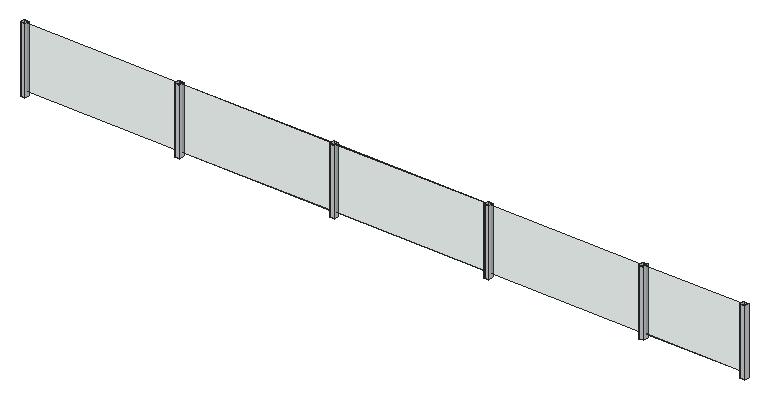
Revit family "Ограждение_Панель_2D_2500", category Специальное оборудование, Revit 2019
Family settings
  Размер круглого соединителя = Использовать диаметр
  Тип детали = Нормальный
  При загрузке вырезать с полостями = Нет
  Общий = Нет
  Точка расчета площади = Нет
Parameters (values of type "Панель 2500_Фланцевое крепление_Столб 80х80")
  Ячейка 50х200 [instance] = not(Ячейка 50х150)  # no
  Ячейка 50х150 [instance] = yes
  Ширина столба = 80 mm
  Ширина резаной [instance] = if(not(Шаг последнего столба - Ширина столба > 0 mm), 1 mm, Шаг последнего столба - Ширина столба)  # 1600 mm
  Ширина панели = 2500 mm
  Ширина 1ой панели [instance] = if([built-in parameter 1001306] < Шаг столбов, 1 mm, Шаг столбов - Ширина столба)  # 2500 mm
  Шаг столбов [instance] = Ширина панели + Ширина столба  # 2580 mm
  Условное обозначение [instance] = no
  Толщина стенки столба [instance] = 2 mm
  Тип крепежа [instance] = 2
  С фланцем под В.О. = not(or(Под бетонирование, С фланцем))  # no
  С фланцем = yes
  Показать последний [instance] = yes
  Показать первый [instance] = yes
  Шаг последнего столба [instance] = if(if(not([built-in parameter 1001306] > Шаг столбов), [built-in parameter 1001306], [built-in parameter 1001306] - (rounddown([built-in parameter 1001306] / Шаг столбов) * Шаг столбов)) = 0 mm, Шаг столбов, if(not([built-in parameter 1001306] > Шаг столбов), [built-in parameter 1001306], [built-in parameter 1001306] - (rounddown([built-in parameter 1001306] / Шаг столбов) * Шаг столбов)))  # 1680 mm
  Расчёт ячейки [instance] = if(Ячейка 50х150, 2, 0)  # 2
  Пруток D=5/5/5 мм [instance] = not(or([Пруток D=6/5/6 мм], [Пруток D=8/6/8 мм]))  # no
  Пруток D=8/6/8 мм [instance] = yes
  Пруток D=6/5/6 мм [instance] = no
  Показать средний столб [instance] = N панелей = 2  # no
  Под насадку [instance] = no
  Под бетонирование = no
  Отступ панели от основания = 70 mm
  Отступ панели = Ширина столба / 2  # 40 mm
  Инструкция [instance] = "https://docs.google.com/document/d/1cgSF_IfOaOTu5MFLm1FJjP0ckfTazc0ioWqhE0ocsXY/edit#heading=h.lw4uecg53g9n"
  Изготовитель = [ADSK_Завод-изготовитель]  # "FENSYS"
  built-in parameter 1001306 [instance] = 12000 mm
  Диаметр сваи [instance] = 57 mm
  Группа модели = "Ограждение"  # constant formula
  Глубина столба = 80 mm
  Высота столба [instance] = Отступ панели от основания + Высота панели  # 1100 mm
  Высота сваи [instance] = 1000 mm
  Высота панели [instance] = 1030 mm
  Расчет D прутка [instance] = if([Пруток D=6/5/6 мм], 1, if([Пруток D=8/6/8 мм], 2, 0))  # 2
  Выбор типа основания [instance] = if(Под бетонирование, 1, if(С фланцем, 2, 0))  # 2
  Видимость массива столбов [instance] = N панелей > 2  # yes
  Видимость массива панелей [instance] = N панелей > 2  # yes
  Видимость 1ой панели [instance] = N панелей = 2  # no
  URL = "https://www.fensys.ru/oprosnyy-list/"
  N столбов в массиве [instance] = if((N панелей - 1) < 2, 2, N панелей - 1)  # 4
  N панелей в массиве [instance] = if(N панелей > 2, N панелей - 1, 2)  # 4
  N панелей [instance] = if([built-in parameter 1001306] > Шаг столбов, roundup([built-in parameter 1001306] / Шаг столбов), 1)  # 5
  ADSK_Размер_Длина [instance] = [built-in parameter 1001306]  # 12000 mm
  Наименование = "Ограждение - Панель 2500_Фланцевое крепление_Столб 80х80"
  ADSK_Завод-изготовитель = "FENSYS"  # constant formula
  ADSK_Единица измерения = "м."  # constant formula
Types (9, lengths in mm): name | Ширина столба | Ширина резаной | Шаг столбов | С фланцем под В.О. | С фланцем | Шаг последнего столба | Под бетонирование | Отступ панели | Глубина столба | Выбор типа основания | Наименование
  Панель 2500_Под винт_Столб 60х60 | 60 | 1700 | 2560 | yes | no | 1760 | no | 30 | 60 | 0 | "Ограждение - Панель 2500_Под винт_Столб 60х60"
  Панель 2500_Под бетон_Столб 80х80 | 80 | 1600 | 2580 | no | no | 1680 | yes | 40 | 80 | 1 | "Ограждение - Панель 2500_Под бетон_Столб 80х80"
  Панель 2500_Под бетон_Столб 60х60 | 60 | 1700 | 2560 | no | no | 1760 | yes | 30 | 60 | 1 | "Ограждение - Панель 2500_Под бетон_Столб 60х60"
  Панель 2500_Фланцевое крепление_Столб 80х80 | 80 | 1600 | 2580 | no | yes | 1680 | no | 40 | 80 | 2 | "Ограждение - Панель 2500_Фланцевое крепление_Столб 80х80"
  Панель 2500_Фланцевое крепление_Столб 60х60 | 60 | 1700 | 2560 | no | yes | 1760 | no | 30 | 60 | 2 | "Ограждение - Панель 2500_Фланцевое крепление_Столб 60х60"
  Панель 2500_Под бетон_Столб 60х80 | 60 | 1700 | 2560 | no | no | 1760 | yes | 30 | 80 | 1 | "Ограждение - Панель 2500_Под бетон_Столб 60х80"
  Панель 2500_Под винт_Столб 60х80 | 60 | 1700 | 2560 | yes | no | 1760 | no | 30 | 80 | 0 | "Ограждение - Панель 2500_Под винт_Столб 60х80"
  Панель 2500_Фланцевое крепление_Столб 60х80 | 60 | 1700 | 2560 | no | yes | 1760 | no | 30 | 80 | 2 | "Ограждение - Панель 2500_Фланцевое крепление_Столб 60х80"
  Панель 2500_Под винт_Столб 80х80 | 80 | 1600 | 2580 | yes | no | 1680 | no | 40 | 80 | 0 | "Ограждение - Панель 2500_Под винт_Столб 80х80"
Reference planes
  plane 1 "По центру (Вперед/Назад)": y = 0
  plane 2: z = 0
  plane 3 "Слева": x = 0
  plane 4 "Справа": x = 12000
  plane 5 "Верх стойки": z = 1100
  plane 6: x = 2580
  plane 7: x = 5160
  plane 8 "ось предпоследнего столба": x = 10320
Lines and regions (mm)
  reference lines
    curve 1: line (0, 0, 0) -> (12000, 0, 0)
Dimensions and locks
  "built-in parameter 1001306": plane 3 "Слева" to plane 4 "Справа"
  "Высота столба": plane 5 "Верх стойки" to level
  equal spacing: group 1, group 2, group 5, group 6  (x3)
  "Шаг столбов": plane 3 "Слева" to plane 6
  "Шаг столбов": plane 6 to plane 7
  "Шаг последнего столба": plane 8 "ось предпоследнего столба" to plane 4 "Справа"
  equal spacing: group 3, group 4, group 7, group 8  (x3)
  aligned and locked: plane 4 "Справа" to curve 1
  aligned and locked: plane 1 "По центру (Вперед/Назад)" to curve 1
  aligned and locked: plane 3 "Слева" to curve 1
  aligned and locked: level to plane 2
  aligned and locked: plane 3 "Слева" to nested 1
  aligned and locked: plane 1 "По центру (Вперед/Назад)" to nested 1
  aligned and locked: plane 6 to nested 2
  aligned and locked: curve 1 to nested 2
  aligned and locked: curve 1 to nested 3
  aligned and locked: plane 4 "Справа" to nested 3
  aligned and locked: plane 3 "Слева" to nested 5
  aligned and locked: plane 6 to nested 6
  aligned and locked: plane 7 to nested 7
  aligned and locked: plane 1 "По центру (Вперед/Назад)" to nested 5
  aligned and locked: plane 1 "По центру (Вперед/Назад)" to nested 6
  aligned and locked: plane 1 "По центру (Вперед/Назад)" to nested 7
  aligned and locked: curve 1 to nested 8
  aligned and locked: plane 1 "По центру (Вперед/Назад)" to nested 8
  aligned and locked: plane 6 to nested 9
  aligned and locked: plane 8 "ось предпоследнего столба" to nested 4
  aligned and locked: plane 3 "Слева" to nested 8
Nested families
  nested 1: "В_Столб" at (0, 0, 0), visible <- "Показать первый", ADSK_Размер_Толщина стенки <- "Толщина стенки столба", ADSK_Размер_Глубина <- "Глубина столба", Диаметр сваи <- "Диаметр сваи", Высота сваи <- "Высота сваи", Под бетонирование <- "Под бетонирование", С фланцем <- "С фланцем", С фланцем под в.о. <- "С фланцем под В.О.", ADSK_Размер_Ширина <- "Ширина столба", ADSK_Комплект <- "Группа модели", Под насадку <- "Под насадку", Тип крепежа <- "Тип крепежа", Условное обозначение <- "Условное обозначение", Высота забора <- "Высота столба", type "Столб"
    with Условное обозначение no, Тип крепежа 2, Таблица "Столб новый", С фланцем под в.о. no, С фланцем yes, Под насадку число 1, Под насадку no, Под бетонирование no, Ограничитель крепежа 2, Крепеж в массиве 2, Длина под бетонирование 0 mm, Диаметр сваи 57 mm, Высота сваи 1000 mm, Высота забора 1100 mm, Выбор типа крепления 2, N крепежа в массиве 2, ADSK_Размер_Ширина 80 mm, ADSK_Размер_Толщина стенки 2 mm, ADSK_Размер_Глубина 80 mm, ADSK_Размер_Высота 1100 mm, ADSK_Обозначение "SIT", Наименование "Столб ограждения (под насадку): профиль 80x80x2 мм, L= 1100 мм, с фланцем (160x160x6)", BS_Масса_Число 6.1, ADSK_Комплект "Ограждение", ADSK_Код изделия "13599N"
  nested 2: "В_Столб" at (2580, 0, 0), visible <- "Показать средний столб", ADSK_Размер_Толщина стенки <- "Толщина стенки столба", ADSK_Размер_Глубина <- "Глубина столба", Диаметр сваи <- "Диаметр сваи", Высота сваи <- "Высота сваи", Под бетонирование <- "Под бетонирование", С фланцем <- "С фланцем", С фланцем под в.о. <- "С фланцем под В.О.", ADSK_Размер_Ширина <- "Ширина столба", ADSK_Комплект <- "Группа модели", Под насадку <- "Под насадку", Тип крепежа <- "Тип крепежа", Условное обозначение <- "Условное обозначение", Высота забора <- "Высота столба", type "Столб"
    with Условное обозначение no, Тип крепежа 2, Таблица "Столб новый", С фланцем под в.о. no, С фланцем yes, Под насадку число 1, Под насадку no, Под бетонирование no, Ограничитель крепежа 2, Крепеж в массиве 2, Длина под бетонирование 0 mm, Диаметр сваи 57 mm, Высота сваи 1000 mm, Высота забора 1100 mm, Выбор типа крепления 2, N крепежа в массиве 2, ADSK_Размер_Ширина 80 mm, ADSK_Размер_Толщина стенки 2 mm, ADSK_Размер_Глубина 80 mm, ADSK_Размер_Высота 1100 mm, ADSK_Обозначение "SIT", Наименование "Столб ограждения (под насадку): профиль 80x80x2 мм, L= 1100 мм, с фланцем (160x160x6)", BS_Масса_Число 6.1, ADSK_Комплект "Ограждение", ADSK_Код изделия "13599N"
  nested 3: "В_Столб" at (12000, 0, 0), visible <- "Показать последний", ADSK_Размер_Толщина стенки <- "Толщина стенки столба", ADSK_Размер_Глубина <- "Глубина столба", Диаметр сваи <- "Диаметр сваи", Высота сваи <- "Высота сваи", Под бетонирование <- "Под бетонирование", С фланцем <- "С фланцем", С фланцем под в.о. <- "С фланцем под В.О.", ADSK_Размер_Ширина <- "Ширина столба", ADSK_Комплект <- "Группа модели", Под насадку <- "Под насадку", Тип крепежа <- "Тип крепежа", Условное обозначение <- "Условное обозначение", Высота забора <- "Высота столба", type "Столб"
    with Условное обозначение no, Тип крепежа 2, Таблица "Столб новый", С фланцем под в.о. no, С фланцем yes, Под насадку число 1, Под насадку no, Под бетонирование no, Ограничитель крепежа 2, Крепеж в массиве 2, Длина под бетонирование 0 mm, Диаметр сваи 57 mm, Высота сваи 1000 mm, Высота забора 1100 mm, Выбор типа крепления 2, N крепежа в массиве 2, ADSK_Размер_Ширина 80 mm, ADSK_Размер_Толщина стенки 2 mm, ADSK_Размер_Глубина 80 mm, ADSK_Размер_Высота 1100 mm, ADSK_Обозначение "SIT", Наименование "Столб ограждения (под насадку): профиль 80x80x2 мм, L= 1100 мм, с фланцем (160x160x6)", BS_Масса_Число 6.1, ADSK_Комплект "Ограждение", ADSK_Код изделия "13599N"
  nested 4: "В_Панель_2D" at (10320, 0, 0), ADSK_Размер_Высота <- "Высота панели", Отступ панели от основания <- "Отступ панели от основания", Отступ панели <- "Отступ панели", Размер ячейки <- "Расчёт ячейки", Размер прутка <- "Расчет D прутка", ADSK_Размер_Ширина <- "Ширина резаной", Тип крепежа <- "Тип крепежа", ADSK_Комплект <- "Группа модели", type "Панель 2500"
    with Тип крепежа 2, Расчетная длина 1680 mm, Размер ячейки 2, Размер прутка 2, Отступ панели от основания 70 mm, Отступ панели 40 mm, ADSK_Размер_Ширина 1600 mm, ADSK_Размер_Высота 1030 mm, ADSK_Примечание "", ADSK_Обозначение "GUARD-T", Наименование "Панель под подрезку", BS_Масса_Число 0, ADSK_Комплект "Ограждение", ADSK_Код изделия " "
  nested 5: "В_Панель_2D" at (0, 0, 0), ADSK_Размер_Высота <- "Высота панели", Отступ панели от основания <- "Отступ панели от основания", Отступ панели <- "Отступ панели", visible <- "Видимость массива панелей", Размер ячейки <- "Расчёт ячейки", Размер прутка <- "Расчет D прутка", Тип крепежа <- "Тип крепежа", ADSK_Комплект <- "Группа модели", ADSK_Размер_Ширина <- "Ширина панели", type "Панель 2500"
    with Тип крепежа 2, Расчетная длина 2580 mm, Размер ячейки 2, Размер прутка 2, Отступ панели от основания 70 mm, Отступ панели 40 mm, ADSK_Размер_Ширина 2500 mm, ADSK_Размер_Высота 1030 mm, ADSK_Примечание "", ADSK_Обозначение "GUARD-T", Наименование "Панель серии 2D: HxW (высота х ширина) 1030x2500 мм, пруток D=8/6/8 мм, ячейка = 50х150", BS_Масса_Число 26.7, ADSK_Комплект "Ограждение", ADSK_Код изделия "21880"
  nested 6: "В_Столб" at (2580, 0, 0), visible <- "Видимость массива столбов", ADSK_Размер_Толщина стенки <- "Толщина стенки столба", ADSK_Размер_Глубина <- "Глубина столба", Диаметр сваи <- "Диаметр сваи", Высота сваи <- "Высота сваи", Под бетонирование <- "Под бетонирование", С фланцем <- "С фланцем", С фланцем под в.о. <- "С фланцем под В.О.", ADSK_Размер_Ширина <- "Ширина столба", ADSK_Комплект <- "Группа модели", Под насадку <- "Под насадку", Тип крепежа <- "Тип крепежа", Условное обозначение <- "Условное обозначение", Высота забора <- "Высота столба", type "Столб"
    with Условное обозначение no, Тип крепежа 2, Таблица "Столб новый", С фланцем под в.о. no, С фланцем yes, Под насадку число 1, Под насадку no, Под бетонирование no, Ограничитель крепежа 2, Крепеж в массиве 2, Длина под бетонирование 0 mm, Диаметр сваи 57 mm, Высота сваи 1000 mm, Высота забора 1100 mm, Выбор типа крепления 2, N крепежа в массиве 2, ADSK_Размер_Ширина 80 mm, ADSK_Размер_Толщина стенки 2 mm, ADSK_Размер_Глубина 80 mm, ADSK_Размер_Высота 1100 mm, ADSK_Обозначение "SIT", Наименование "Столб ограждения (под насадку): профиль 80x80x2 мм, L= 1100 мм, с фланцем (160x160x6)", BS_Масса_Число 6.1, ADSK_Комплект "Ограждение", ADSK_Код изделия "13599N"
  nested 7: "В_Столб" at (5160, 0, 0), visible <- "Видимость массива столбов", ADSK_Размер_Толщина стенки <- "Толщина стенки столба", ADSK_Размер_Глубина <- "Глубина столба", Диаметр сваи <- "Диаметр сваи", Высота сваи <- "Высота сваи", Под бетонирование <- "Под бетонирование", С фланцем <- "С фланцем", С фланцем под в.о. <- "С фланцем под В.О.", ADSK_Размер_Ширина <- "Ширина столба", ADSK_Комплект <- "Группа модели", Под насадку <- "Под насадку", Тип крепежа <- "Тип крепежа", Условное обозначение <- "Условное обозначение", Высота забора <- "Высота столба", type "Столб"
    with Условное обозначение no, Тип крепежа 2, Таблица "Столб новый", С фланцем под в.о. no, С фланцем yes, Под насадку число 1, Под насадку no, Под бетонирование no, Ограничитель крепежа 2, Крепеж в массиве 2, Длина под бетонирование 0 mm, Диаметр сваи 57 mm, Высота сваи 1000 mm, Высота забора 1100 mm, Выбор типа крепления 2, N крепежа в массиве 2, ADSK_Размер_Ширина 80 mm, ADSK_Размер_Толщина стенки 2 mm, ADSK_Размер_Глубина 80 mm, ADSK_Размер_Высота 1100 mm, ADSK_Обозначение "SIT", Наименование "Столб ограждения (под насадку): профиль 80x80x2 мм, L= 1100 мм, с фланцем (160x160x6)", BS_Масса_Число 6.1, ADSK_Комплект "Ограждение", ADSK_Код изделия "13599N"
  nested 8: "В_Панель_2D" at (0, 0, 0), ADSK_Размер_Высота <- "Высота панели", Отступ панели от основания <- "Отступ панели от основания", Отступ панели <- "Отступ панели", visible <- "Видимость 1ой панели", Размер ячейки <- "Расчёт ячейки", Размер прутка <- "Расчет D прутка", Тип крепежа <- "Тип крепежа", ADSK_Комплект <- "Группа модели", ADSK_Размер_Ширина <- "Ширина 1ой панели", type "Панель 2500"
    with Тип крепежа 2, Расчетная длина 2580 mm, Размер ячейки 2, Размер прутка 2, Отступ панели от основания 70 mm, Отступ панели 40 mm, ADSK_Размер_Ширина 2500 mm, ADSK_Размер_Высота 1030 mm, ADSK_Примечание "", ADSK_Обозначение "GUARD-T", Наименование "Панель серии 2D: HxW (высота х ширина) 1030x2500 мм, пруток D=8/6/8 мм, ячейка = 50х150", BS_Масса_Число 26.7, ADSK_Комплект "Ограждение", ADSK_Код изделия "21880"
  nested 9: "В_Панель_2D" at (2580, 0, 0), ADSK_Размер_Высота <- "Высота панели", Отступ панели от основания <- "Отступ панели от основания", Отступ панели <- "Отступ панели", visible <- "Видимость массива панелей", Размер ячейки <- "Расчёт ячейки", Размер прутка <- "Расчет D прутка", Тип крепежа <- "Тип крепежа", ADSK_Комплект <- "Группа модели", ADSK_Размер_Ширина <- "Ширина панели", type "Панель 2500"
    with Тип крепежа 2, Расчетная длина 2580 mm, Размер ячейки 2, Размер прутка 2, Отступ панели от основания 70 mm, Отступ панели 40 mm, ADSK_Размер_Ширина 2500 mm, ADSK_Размер_Высота 1030 mm, ADSK_Примечание "", ADSK_Обозначение "GUARD-T", Наименование "Панель серии 2D: HxW (высота х ширина) 1030x2500 мм, пруток D=8/6/8 мм, ячейка = 50х150", BS_Масса_Число 26.7, ADSK_Комплект "Ограждение", ADSK_Код изделия "21880"
  nested 10: "В_Столб" at (7740, 0, 0), visible <- "Видимость массива столбов", ADSK_Размер_Толщина стенки <- "Толщина стенки столба", ADSK_Размер_Глубина <- "Глубина столба", Диаметр сваи <- "Диаметр сваи", Высота сваи <- "Высота сваи", Под бетонирование <- "Под бетонирование", С фланцем <- "С фланцем", С фланцем под в.о. <- "С фланцем под В.О.", ADSK_Размер_Ширина <- "Ширина столба", ADSK_Комплект <- "Группа модели", Под насадку <- "Под насадку", Тип крепежа <- "Тип крепежа", Условное обозначение <- "Условное обозначение", Высота забора <- "Высота столба", type "Столб"
    with Условное обозначение no, Тип крепежа 2, Таблица "Столб новый", С фланцем под в.о. no, С фланцем yes, Под насадку число 1, Под насадку no, Под бетонирование no, Ограничитель крепежа 2, Крепеж в массиве 2, Длина под бетонирование 0 mm, Диаметр сваи 57 mm, Высота сваи 1000 mm, Высота забора 1100 mm, Выбор типа крепления 2, N крепежа в массиве 2, ADSK_Размер_Ширина 80 mm, ADSK_Размер_Толщина стенки 2 mm, ADSK_Размер_Глубина 80 mm, ADSK_Размер_Высота 1100 mm, ADSK_Обозначение "SIT", Наименование "Столб ограждения (под насадку): профиль 80x80x2 мм, L= 1100 мм, с фланцем (160x160x6)", BS_Масса_Число 6.1, ADSK_Комплект "Ограждение", ADSK_Код изделия "13599N"
  nested 11: "В_Столб" at (10320, 0, 0), visible <- "Видимость массива столбов", ADSK_Размер_Толщина стенки <- "Толщина стенки столба", ADSK_Размер_Глубина <- "Глубина столба", Диаметр сваи <- "Диаметр сваи", Высота сваи <- "Высота сваи", Под бетонирование <- "Под бетонирование", С фланцем <- "С фланцем", С фланцем под в.о. <- "С фланцем под В.О.", ADSK_Размер_Ширина <- "Ширина столба", ADSK_Комплект <- "Группа модели", Под насадку <- "Под насадку", Тип крепежа <- "Тип крепежа", Условное обозначение <- "Условное обозначение", Высота забора <- "Высота столба", type "Столб"
    with Условное обозначение no, Тип крепежа 2, Таблица "Столб новый", С фланцем под в.о. no, С фланцем yes, Под насадку число 1, Под насадку no, Под бетонирование no, Ограничитель крепежа 2, Крепеж в массиве 2, Длина под бетонирование 0 mm, Диаметр сваи 57 mm, Высота сваи 1000 mm, Высота забора 1100 mm, Выбор типа крепления 2, N крепежа в массиве 2, ADSK_Размер_Ширина 80 mm, ADSK_Размер_Толщина стенки 2 mm, ADSK_Размер_Глубина 80 mm, ADSK_Размер_Высота 1100 mm, ADSK_Обозначение "SIT", Наименование "Столб ограждения (под насадку): профиль 80x80x2 мм, L= 1100 мм, с фланцем (160x160x6)", BS_Масса_Число 6.1, ADSK_Комплект "Ограждение", ADSK_Код изделия "13599N"
  nested 12: "В_Панель_2D" at (5160, 0, 0), ADSK_Размер_Высота <- "Высота панели", Отступ панели от основания <- "Отступ панели от основания", Отступ панели <- "Отступ панели", visible <- "Видимость массива панелей", Размер ячейки <- "Расчёт ячейки", Размер прутка <- "Расчет D прутка", Тип крепежа <- "Тип крепежа", ADSK_Комплект <- "Группа модели", ADSK_Размер_Ширина <- "Ширина панели", type "Панель 2500"
    with Тип крепежа 2, Расчетная длина 2580 mm, Размер ячейки 2, Размер прутка 2, Отступ панели от основания 70 mm, Отступ панели 40 mm, ADSK_Размер_Ширина 2500 mm, ADSK_Размер_Высота 1030 mm, ADSK_Примечание "", ADSK_Обозначение "GUARD-T", Наименование "Панель серии 2D: HxW (высота х ширина) 1030x2500 мм, пруток D=8/6/8 мм, ячейка = 50х150", BS_Масса_Число 26.7, ADSK_Комплект "Ограждение", ADSK_Код изделия "21880"
  nested 13: "В_Панель_2D" at (7740, 0, 0), ADSK_Размер_Высота <- "Высота панели", Отступ панели от основания <- "Отступ панели от основания", Отступ панели <- "Отступ панели", visible <- "Видимость массива панелей", Размер ячейки <- "Расчёт ячейки", Размер прутка <- "Расчет D прутка", Тип крепежа <- "Тип крепежа", ADSK_Комплект <- "Группа модели", ADSK_Размер_Ширина <- "Ширина панели", type "Панель 2500"
    with Тип крепежа 2, Расчетная длина 2580 mm, Размер ячейки 2, Размер прутка 2, Отступ панели от основания 70 mm, Отступ панели 40 mm, ADSK_Размер_Ширина 2500 mm, ADSK_Размер_Высота 1030 mm, ADSK_Примечание "", ADSK_Обозначение "GUARD-T", Наименование "Панель серии 2D: HxW (высота х ширина) 1030x2500 мм, пруток D=8/6/8 мм, ячейка = 50х150", BS_Масса_Число 26.7, ADSK_Комплект "Ограждение", ADSK_Код изделия "21880"
  nested 14: "В_Крепеж" at (0, 0, 1065), type "Крепеж"
    with Ширина столба 0 mm, Тип крепежа 2, Путь к таблице "Таблица крепежей", Видимость метизов yes, Y насадка no, ADSK_Обозначение "Крепеж", Наименование "Скоба F50", ADSK_Комплект "Ограждение", ADSK_Количество 1, ADSK_Код изделия "8903K"
  nested 15: "В_Крепеж" at (0, 0, 104.903), type "Крепеж"
    with Ширина столба 0 mm, Тип крепежа 2, Путь к таблице "Таблица крепежей", Видимость метизов yes, Y насадка no, ADSK_Обозначение "Крепеж", Наименование "Скоба F50", ADSK_Комплект "Ограждение", ADSK_Количество 1, ADSK_Код изделия "8903K"
  nested 16: "В_Крепеж" at (2580, 0, 1065), type "Крепеж"
    with Ширина столба 0 mm, Тип крепежа 2, Путь к таблице "Таблица крепежей", Видимость метизов yes, Y насадка no, ADSK_Обозначение "Крепеж", Наименование "Скоба F50", ADSK_Комплект "Ограждение", ADSK_Количество 1, ADSK_Код изделия "8903K"
  nested 17: "В_Крепеж" at (2580, 0, 104.903), type "Крепеж"
    with Ширина столба 0 mm, Тип крепежа 2, Путь к таблице "Таблица крепежей", Видимость метизов yes, Y насадка no, ADSK_Обозначение "Крепеж", Наименование "Скоба F50", ADSK_Комплект "Ограждение", ADSK_Количество 1, ADSK_Код изделия "8903K"
  nested 18: "В_Крепеж" at (12000, 0, 1065), type "Крепеж"
    with Ширина столба 0 mm, Тип крепежа 2, Путь к таблице "Таблица крепежей", Видимость метизов yes, Y насадка no, ADSK_Обозначение "Крепеж", Наименование "Скоба F50", ADSK_Комплект "Ограждение", ADSK_Количество 1, ADSK_Код изделия "8903K"
  nested 19: "В_Крепеж" at (12000, 0, 104.903), type "Крепеж"
    with Ширина столба 0 mm, Тип крепежа 2, Путь к таблице "Таблица крепежей", Видимость метизов yes, Y насадка no, ADSK_Обозначение "Крепеж", Наименование "Скоба F50", ADSK_Комплект "Ограждение", ADSK_Количество 1, ADSK_Код изделия "8903K"
  nested 20: "В_Крепеж" at (10320, 0, 1065), type "Крепеж"
    with Ширина столба 0 mm, Тип крепежа 2, Путь к таблице "Таблица крепежей", Видимость метизов yes, Y насадка no, ADSK_Обозначение "Крепеж", Наименование "Скоба F50", ADSK_Комплект "Ограждение", ADSK_Количество 1, ADSK_Код изделия "8903K"
  nested 21: "В_Крепеж" at (10320, 0, 104.903), type "Крепеж"
    with Ширина столба 0 mm, Тип крепежа 2, Путь к таблице "Таблица крепежей", Видимость метизов yes, Y насадка no, ADSK_Обозначение "Крепеж", Наименование "Скоба F50", ADSK_Комплект "Ограждение", ADSK_Количество 1, ADSK_Код изделия "8903K"
  nested 22: "В_Крепеж" at (2580, 0, 1065), type "Крепеж"
    with Ширина столба 0 mm, Тип крепежа 2, Путь к таблице "Таблица крепежей", Видимость метизов yes, Y насадка no, ADSK_Обозначение "Крепеж", Наименование "Скоба F50", ADSK_Комплект "Ограждение", ADSK_Количество 1, ADSK_Код изделия "8903K"
  nested 23: "В_Крепеж" at (2580, 0, 104.903), type "Крепеж"
    with Ширина столба 0 mm, Тип крепежа 2, Путь к таблице "Таблица крепежей", Видимость метизов yes, Y насадка no, ADSK_Обозначение "Крепеж", Наименование "Скоба F50", ADSK_Комплект "Ограждение", ADSK_Количество 1, ADSK_Код изделия "8903K"
  nested 24: "В_Крепеж" at (5160, 0, 1065), type "Крепеж"
    with Ширина столба 0 mm, Тип крепежа 2, Путь к таблице "Таблица крепежей", Видимость метизов yes, Y насадка no, ADSK_Обозначение "Крепеж", Наименование "Скоба F50", ADSK_Комплект "Ограждение", ADSK_Количество 1, ADSK_Код изделия "8903K"
  nested 25: "В_Крепеж" at (5160, 0, 104.903), type "Крепеж"
    with Ширина столба 0 mm, Тип крепежа 2, Путь к таблице "Таблица крепежей", Видимость метизов yes, Y насадка no, ADSK_Обозначение "Крепеж", Наименование "Скоба F50", ADSK_Комплект "Ограждение", ADSK_Количество 1, ADSK_Код изделия "8903K"
  nested 26: "В_Крепеж" at (7740, 0, 1065), type "Крепеж"
    with Ширина столба 0 mm, Тип крепежа 2, Путь к таблице "Таблица крепежей", Видимость метизов yes, Y насадка no, ADSK_Обозначение "Крепеж", Наименование "Скоба F50", ADSK_Комплект "Ограждение", ADSK_Количество 1, ADSK_Код изделия "8903K"
  nested 27: "В_Крепеж" at (7740, 0, 104.903), type "Крепеж"
    with Ширина столба 0 mm, Тип крепежа 2, Путь к таблице "Таблица крепежей", Видимость метизов yes, Y насадка no, ADSK_Обозначение "Крепеж", Наименование "Скоба F50", ADSK_Комплект "Ограждение", ADSK_Количество 1, ADSK_Код изделия "8903K"
  nested 28: "В_Метизы" at (20, 0, 1065), type "Метизы"
    with Тип крепежа 2, Путь к таблице "Таблица метизов", Наименование "Комплект метизов «В» для крепления скобы из нержавеющей стали (Винт М8х30 ISO 7380 А2   - 4 шт., Шайба D8 DIN 125 А2-70 - 4 шт.,Шайба 8 DIN 127 нерж.)", ADSK_Комплект "Ограждение", ADSK_Количество 1, ADSK_Код изделия "8923"
  nested 29: "В_Метизы" at (20, 0, 104.903), type "Метизы"
    with Тип крепежа 2, Путь к таблице "Таблица метизов", Наименование "Комплект метизов «В» для крепления скобы из нержавеющей стали (Винт М8х30 ISO 7380 А2   - 4 шт., Шайба D8 DIN 125 А2-70 - 4 шт.,Шайба 8 DIN 127 нерж.)", ADSK_Комплект "Ограждение", ADSK_Количество 1, ADSK_Код изделия "8923"
  nested 30: "В_Метизы" at (2600, 0, 1065), type "Метизы"
    with Тип крепежа 2, Путь к таблице "Таблица метизов", Наименование "Комплект метизов «В» для крепления скобы из нержавеющей стали (Винт М8х30 ISO 7380 А2   - 4 шт., Шайба D8 DIN 125 А2-70 - 4 шт.,Шайба 8 DIN 127 нерж.)", ADSK_Комплект "Ограждение", ADSK_Количество 1, ADSK_Код изделия "8923"
  nested 31: "В_Метизы" at (2600, 0, 104.903), type "Метизы"
    with Тип крепежа 2, Путь к таблице "Таблица метизов", Наименование "Комплект метизов «В» для крепления скобы из нержавеющей стали (Винт М8х30 ISO 7380 А2   - 4 шт., Шайба D8 DIN 125 А2-70 - 4 шт.,Шайба 8 DIN 127 нерж.)", ADSK_Комплект "Ограждение", ADSK_Количество 1, ADSK_Код изделия "8923"
  nested 32: "В_Метизы" at (12020, 0, 1065), type "Метизы"
    with Тип крепежа 2, Путь к таблице "Таблица метизов", Наименование "Комплект метизов «В» для крепления скобы из нержавеющей стали (Винт М8х30 ISO 7380 А2   - 4 шт., Шайба D8 DIN 125 А2-70 - 4 шт.,Шайба 8 DIN 127 нерж.)", ADSK_Комплект "Ограждение", ADSK_Количество 1, ADSK_Код изделия "8923"
  nested 33: "В_Метизы" at (12020, 0, 104.903), type "Метизы"
    with Тип крепежа 2, Путь к таблице "Таблица метизов", Наименование "Комплект метизов «В» для крепления скобы из нержавеющей стали (Винт М8х30 ISO 7380 А2   - 4 шт., Шайба D8 DIN 125 А2-70 - 4 шт.,Шайба 8 DIN 127 нерж.)", ADSK_Комплект "Ограждение", ADSK_Количество 1, ADSK_Код изделия "8923"
  nested 34: "В_Метизы" at (7760, 0, 1065), type "Метизы"
    with Тип крепежа 2, Путь к таблице "Таблица метизов", Наименование "Комплект метизов «В» для крепления скобы из нержавеющей стали (Винт М8х30 ISO 7380 А2   - 4 шт., Шайба D8 DIN 125 А2-70 - 4 шт.,Шайба 8 DIN 127 нерж.)", ADSK_Комплект "Ограждение", ADSK_Количество 1, ADSK_Код изделия "8923"
  nested 35: "В_Метизы" at (7760, 0, 104.903), type "Метизы"
    with Тип крепежа 2, Путь к таблице "Таблица метизов", Наименование "Комплект метизов «В» для крепления скобы из нержавеющей стали (Винт М8х30 ISO 7380 А2   - 4 шт., Шайба D8 DIN 125 А2-70 - 4 шт.,Шайба 8 DIN 127 нерж.)", ADSK_Комплект "Ограждение", ADSK_Количество 1, ADSK_Код изделия "8923"
  nested 36: "В_Метизы" at (2600, 0, 1065), type "Метизы"
    with Тип крепежа 2, Путь к таблице "Таблица метизов", Наименование "Комплект метизов «В» для крепления скобы из нержавеющей стали (Винт М8х30 ISO 7380 А2   - 4 шт., Шайба D8 DIN 125 А2-70 - 4 шт.,Шайба 8 DIN 127 нерж.)", ADSK_Комплект "Ограждение", ADSK_Количество 1, ADSK_Код изделия "8923"
  nested 37: "В_Метизы" at (2600, 0, 104.903), type "Метизы"
    with Тип крепежа 2, Путь к таблице "Таблица метизов", Наименование "Комплект метизов «В» для крепления скобы из нержавеющей стали (Винт М8х30 ISO 7380 А2   - 4 шт., Шайба D8 DIN 125 А2-70 - 4 шт.,Шайба 8 DIN 127 нерж.)", ADSK_Комплект "Ограждение", ADSK_Количество 1, ADSK_Код изделия "8923"
  nested 38: "В_Метизы" at (5180, 0, 1065), type "Метизы"
    with Тип крепежа 2, Путь к таблице "Таблица метизов", Наименование "Комплект метизов «В» для крепления скобы из нержавеющей стали (Винт М8х30 ISO 7380 А2   - 4 шт., Шайба D8 DIN 125 А2-70 - 4 шт.,Шайба 8 DIN 127 нерж.)", ADSK_Комплект "Ограждение", ADSK_Количество 1, ADSK_Код изделия "8923"
  nested 39: "В_Метизы" at (5180, 0, 104.903), type "Метизы"
    with Тип крепежа 2, Путь к таблице "Таблица метизов", Наименование "Комплект метизов «В» для крепления скобы из нержавеющей стали (Винт М8х30 ISO 7380 А2   - 4 шт., Шайба D8 DIN 125 А2-70 - 4 шт.,Шайба 8 DIN 127 нерж.)", ADSK_Комплект "Ограждение", ADSK_Количество 1, ADSK_Код изделия "8923"
  nested 40: "В_Метизы" at (10340, 0, 1065), type "Метизы"
    with Тип крепежа 2, Путь к таблице "Таблица метизов", Наименование "Комплект метизов «В» для крепления скобы из нержавеющей стали (Винт М8х30 ISO 7380 А2   - 4 шт., Шайба D8 DIN 125 А2-70 - 4 шт.,Шайба 8 DIN 127 нерж.)", ADSK_Комплект "Ограждение", ADSK_Количество 1, ADSK_Код изделия "8923"
  nested 41: "В_Метизы" at (10340, 0, 104.903), type "Метизы"
    with Тип крепежа 2, Путь к таблице "Таблица метизов", Наименование "Комплект метизов «В» для крепления скобы из нержавеющей стали (Винт М8х30 ISO 7380 А2   - 4 шт., Шайба D8 DIN 125 А2-70 - 4 шт.,Шайба 8 DIN 127 нерж.)", ADSK_Комплект "Ограждение", ADSK_Количество 1, ADSK_Код изделия "8923"
Definition of nested family "В_Столб"
  Parameters (values of type "Столб")
    Условное обозначение [instance] = yes
    Тип крепежа [instance] = 1
    Таблица [instance] = "Столб новый"  # constant formula
    С фланцем под в.о. [instance] = no
    С фланцем [instance] = no
    Под насадку число [instance] = 1  # constant formula
    Под насадку [instance] = no
    Под бетонирование [instance] = yes
    Ограничитель крепежа [instance] = if(Тип крепежа < 0, 0, if(Тип крепежа > 4, 4, Тип крепежа))  # 1
    Крепеж в массиве [instance] = if(Под насадку, if(Высота забора < 3030 mm, if(N крепежа в массиве < 2, 2, N крепежа в массиве), 5) - 1, if(Высота забора < 3030 mm, if(N крепежа в массиве < 2, 2, N крепежа в массиве), 5))  # 5
    Manufacturer = [ADSK_Завод-изготовитель]  # "FENSYS"
    Длина под бетонирование [instance] = if(Под бетонирование, 500 mm, 0 mm)  # 500 mm
    Высота сваи [instance] = 1000 mm
    Диаметр сваи [instance] = 56 mm
    Высота забора [instance] = 5000 mm
    Выбор типа крепления [instance] = if(Под бетонирование, 1, if(С фланцем, 2, 0))  # 1
    URL = "https://www.fensys.ru/produkciya/vintovye-opory_1.html"
    N крепежа в массиве [instance] = rounddown(Высота забора / 485 mm)  # 10
    ADSK_Размер_Ширина [instance] = 40 mm
    ADSK_Размер_Толщина стенки [instance] = 2 mm
    ADSK_Размер_Глубина [instance] = 60 mm
    ADSK_Размер_Высота [instance] = Высота забора  # 5000 mm
    ADSK_Обозначение [instance] = if(С фланцем, "SIT", if(С фланцем под в.о., "SITgs", "SI"))  # "SI"
    Наименование [instance] = size_lookup(Таблица, "", "Столб не найден, проверьте параметры", ADSK_Размер_Высота, ADSK_Размер_Ширина, ADSK_Размер_Глубина, ADSK_Размер_Толщина стенки, Выбор типа крепления, Под насадку число)  # "Столб ограждения (под насадку): профиль 40x60x2 мм, L= 5000 мм, под бетонирование"
    ADSK_Материал = none
    BS_Масса_Число [instance] = size_lookup(Таблица, "ADSK_Масса", 0, ADSK_Размер_Высота, ADSK_Размер_Ширина, ADSK_Размер_Глубина, ADSK_Размер_Толщина стенки, Выбор типа крепления)  # 14.5
    ADSK_Комплект [instance] = "Ограждение"
    ADSK_Код изделия [instance] = size_lookup(Таблица, "ADSK_Код изделия", "Код столба не найден, проверьте параметры", ADSK_Размер_Высота, ADSK_Размер_Ширина, ADSK_Размер_Глубина, ADSK_Размер_Толщина стенки, Выбор типа крепления, Под насадку число)  # "23187N"
    ADSK_Завод-изготовитель = "FENSYS"  # constant formula
    ADSK_Единица измерения = "шт."  # constant formula
  Reference planes
    plane 1 "По центру (Вперед/Назад)": y = 0
    plane 2: z = 0
    plane 3 "По центру (Влево/Вправо)": x = 0
    plane 4: z = 5000
    plane 5: x = -20
    plane 6: x = 20
    plane 7: y = 30
    plane 8: y = -30
    plane 9: z = -500
    plane 10: z = 5000
  Forms (mm)
    Extrusion 1, solid
      sketch origin (0, 0, 0) x (1, 0, 0) y (0, 1, 0)
        loop
          line (-20, 30) -> (-20, -30) -> (20, -30) -> (20, 30) -> (-20, 30)
        loop
          line (-18, 28) -> (-18, -28) -> (18, -28) -> (18, 28) -> (-18, 28)
      from -500 to 5000
  Dimensions and locks
    equal spacing: plane 5, plane 3 "По центру (Влево/Вправо)", plane 6
    "ADSK_Размер_Ширина": plane 5 to plane 6
    "ADSK_Размер_Глубина": plane 8 to plane 7
    equal spacing: plane 8, plane 1 "По центру (Вперед/Назад)", plane 7
    "ADSK_Размер_Толщина стенки": Extrusion 1 sketch curve to plane 6
    "ADSK_Размер_Толщина стенки": plane 8 to Extrusion 1 sketch curve
    "ADSK_Размер_Толщина стенки": plane 7 to Extrusion 1 sketch curve
    "ADSK_Размер_Толщина стенки": plane 5 to Extrusion 1 sketch curve
    plane 4 to plane 2 = 5000 mm
    "Длина под бетонирование": level to plane 9
    nested 2 to plane 2 = 104.903 mm
    equal spacing: group 1, group 3, group 4, group 5, group 2  (x3)
    locked: plane 10 to nested 3 at 35
    "Высота забора": level to plane 10
    aligned and locked: level to plane 2
    aligned and locked: plane 4 to Extrusion 1
    aligned and locked: plane 6 to Extrusion 1
    aligned and locked: plane 5 to Extrusion 1
    aligned and locked: plane 8 to Extrusion 1
    aligned and locked: plane 7 to Extrusion 1
    aligned and locked: plane 3 "По центру (Влево/Вправо)" to nested 1
    aligned and locked: plane 1 "По центру (Вперед/Назад)" to nested 1
    aligned and locked: Extrusion 1 to plane 9
    aligned and locked: plane 3 "По центру (Влево/Вправо)" to nested 2
    aligned and locked: plane 3 "По центру (Влево/Вправо)" to nested 4
    aligned and locked: nested 10 to plane 1 "По центру (Вперед/Назад)"
    aligned and locked: plane 4 to plane 10
  Automatic sketch dimensions
    Extrusion 1 sketch curve to plane 5 = 0 mm
    Extrusion 1 sketch curve to plane 6 = 0 mm
    plane 8 to Extrusion 1 sketch curve = 0 mm
    Extrusion 1 sketch curve to plane 7 = 0 mm
  Nested families
    nested 1: "В_Винтовая опора" at (0, 0, 0), Ширина столба <- "ADSK_Размер_Ширина", Глубина столба <- "ADSK_Размер_Глубина", Диаметр сваи <- "Диаметр сваи", visible <- "С фланцем под в.о.", Высота сваи <- "Высота сваи", ADSK_Комплект <- "ADSK_Комплект", type "Свая"
      with Ширина столба 40 mm, Путь к таблице "Опора имя", Диаметр сваи 56 mm, Глубина столба 60 mm, Высота сваи 1000 mm, Наименование "Свая не найдена, проверьте параметры", BS_Масса_Число 0, ADSK_Комплект "Ограждение", ADSK_Завод-изготовитель "FENSYS", ADSK_Единица измерения "шт."
    nested 2: "В_Крепеж" at (0, 0, 104.903), Тип крепежа <- "Ограничитель крепежа", ADSK_Комплект <- "ADSK_Комплект", type "Крепеж"
      with Ширина столба 0 mm, Тип крепежа 1, Путь к таблице "Таблица крепежей", Видимость метизов yes, Y насадка no, ADSK_Обозначение "Крепеж", Наименование "Скоба F24", ADSK_Комплект "Ограждение", ADSK_Количество 1, ADSK_Код изделия "15512K"
    nested 3: "В_Крепеж" at (0, 0, 4965), Тип крепежа <- "Ограничитель крепежа", ADSK_Комплект <- "ADSK_Комплект", type "Крепеж"
      with Ширина столба 0 mm, Тип крепежа 1, Путь к таблице "Таблица крепежей", Видимость метизов yes, Y насадка no, ADSK_Обозначение "Крепеж", Наименование "Скоба F24", ADSK_Комплект "Ограждение", ADSK_Количество 1, ADSK_Код изделия "15512K"
    nested 4: "В_Крепеж" at (0, 0, 1319.928), Тип крепежа <- "Ограничитель крепежа", ADSK_Комплект <- "ADSK_Комплект", type "Крепеж"
      with Ширина столба 0 mm, Тип крепежа 1, Путь к таблице "Таблица крепежей", Видимость метизов yes, Y насадка no, ADSK_Обозначение "Крепеж", Наименование "Скоба F24", ADSK_Комплект "Ограждение", ADSK_Количество 1, ADSK_Код изделия "15512K"
    nested 5: "В_Крепеж" at (0, 0, 2534.952), Тип крепежа <- "Ограничитель крепежа", ADSK_Комплект <- "ADSK_Комплект", type "Крепеж"
      with Ширина столба 0 mm, Тип крепежа 1, Путь к таблице "Таблица крепежей", Видимость метизов yes, Y насадка no, ADSK_Обозначение "Крепеж", Наименование "Скоба F24", ADSK_Комплект "Ограждение", ADSK_Количество 1, ADSK_Код изделия "15512K"
    nested 6: "В_Метизы" at (20, 0, 2534.952), type "Метизы"
      with Тип крепежа 1, Путь к таблице "Таблица метизов", Наименование "Комплект метизов «В» для крепления скобы F24 (Винт М6х30 ISO 7380 А2 - 4 шт., Шайба D6 DIN 125 А2 - 4 шт.,Шайба 6 DIN 127 А2 - 4 шт.)", ADSK_Комплект "Ограждение", ADSK_Количество 1, ADSK_Код изделия "8932"
    nested 7: "В_Метизы" at (20, 0, 104.903), type "Метизы"
      with Тип крепежа 1, Путь к таблице "Таблица метизов", Наименование "Комплект метизов «В» для крепления скобы F24 (Винт М6х30 ISO 7380 А2 - 4 шт., Шайба D6 DIN 125 А2 - 4 шт.,Шайба 6 DIN 127 А2 - 4 шт.)", ADSK_Комплект "Ограждение", ADSK_Количество 1, ADSK_Код изделия "8932"
    nested 8: "В_Метизы" at (20, 0, 4965), type "Метизы"
      with Тип крепежа 1, Путь к таблице "Таблица метизов", Наименование "Комплект метизов «В» для крепления скобы F24 (Винт М6х30 ISO 7380 А2 - 4 шт., Шайба D6 DIN 125 А2 - 4 шт.,Шайба 6 DIN 127 А2 - 4 шт.)", ADSK_Комплект "Ограждение", ADSK_Количество 1, ADSK_Код изделия "8932"
    nested 9: "В_Метизы" at (20, 0, 1319.928), type "Метизы"
      with Тип крепежа 1, Путь к таблице "Таблица метизов", Наименование "Комплект метизов «В» для крепления скобы F24 (Винт М6х30 ISO 7380 А2 - 4 шт., Шайба D6 DIN 125 А2 - 4 шт.,Шайба 6 DIN 127 А2 - 4 шт.)", ADSK_Комплект "Ограждение", ADSK_Количество 1, ADSK_Код изделия "8932"
    nested 10: "Типовая аннотация" at (0, 0, 0) x (0, 1, 0) z (0, 0, 1), visible <- "Условное обозначение", type "Типовая аннотация"
      with Ширина 8 mm, Высота 8 mm
    nested 11: "В_Крепеж" at (0, 0, 3749.976), Тип крепежа <- "Ограничитель крепежа", ADSK_Комплект <- "ADSK_Комплект", type "Крепеж"
      with Ширина столба 0 mm, Тип крепежа 1, Путь к таблице "Таблица крепежей", Видимость метизов yes, Y насадка no, ADSK_Обозначение "Крепеж", Наименование "Скоба F24", ADSK_Комплект "Ограждение", ADSK_Количество 1, ADSK_Код изделия "15512K"
    nested 12: "В_Метизы" at (20, 0, 3749.976), type "Метизы"
      with Тип крепежа 1, Путь к таблице "Таблица метизов", Наименование "Комплект метизов «В» для крепления скобы F24 (Винт М6х30 ISO 7380 А2 - 4 шт., Шайба D6 DIN 125 А2 - 4 шт.,Шайба 6 DIN 127 А2 - 4 шт.)", ADSK_Комплект "Ограждение", ADSK_Количество 1, ADSK_Код изделия "8932"
  Definition of nested family "В_Винтовая опора"
    Parameters (values of type "Свая")
      Ширина столба [instance] = 60 mm
      Путь к таблице [instance] = "Опора имя"  # constant formula
      Диаметр сваи [instance] = 57 mm
      Глубина столба [instance] = 60 mm
      Высота сваи [instance] = 1000 mm
      URL = "https://www.fensys.ru/produkciya/zabivnye-svai_1.html"
      Наименование [instance] = size_lookup(Путь к таблице, "", "Свая не найдена, проверьте параметры", Высота сваи, Диаметр сваи, Ширина столба, Глубина столба)  # "Винтовая опора 57х1000 фланец под столб 60х60"
      BS_Масса_Число [instance] = size_lookup(Путь к таблице, "ADSK_Масса", 0, Высота сваи, Диаметр сваи, Ширина столба, Глубина столба)  # 5.5
      ADSK_Комплект [instance] = "Ограждение"
      ADSK_Завод-изготовитель [instance] = "FENSYS"  # constant formula
      ADSK_Единица измерения [instance] = "шт."  # constant formula
    Reference planes
      plane 1 "По центру (Вперед/Назад)": y = 0
      plane 2: z = 0
      plane 3 "По центру (Влево/Вправо)": x = 0
      plane 4 "Низ сваи": z = -1000
    Forms (mm)
      Blend 1, solid
        base sketch origin (0, 0, 0) x (1, 0, 0) y (0, 1, 0)
          loop
            circle (0, 0) r 20
        top sketch origin (0, 0, 0) x (1, 0, 0) y (0, 1, 0)
          loop
            circle (0, 0) r 57
        from -1000 to 0
    Dimensions and locks
      "Высота сваи": level to plane 4 "Низ сваи"
      "Диаметр сваи": radius of Blend 1 sketch curve
      aligned and locked: level to plane 2
      aligned and locked: level to Blend 1
      aligned and locked: Blend 1 to level
      aligned and locked: Blend 1 to plane 4 "Низ сваи"
    Automatic sketch dimensions
      plane 1 "По центру (Вперед/Назад)" to Blend 1 sketch curve = 0 mm  (x2)
      Blend 1 sketch curve to plane 3 "По центру (Влево/Вправо)" = 0 mm  (x2)
      radius of Blend 1 sketch curve = 20 mm
  Definition of nested family "В_Крепеж"
    Parameters (values of type "Крепеж")
      Ширина столба [instance] = 0 mm
      Тип крепежа [instance] = 5
      Путь к таблице [instance] = "Таблица крепежей"  # constant formula
      Manufacturer = [ADSK_Завод-изготовитель]  # "FENSYS"
      Model = "Насадки"
      Видимость метизов [instance] = not(Тип крепежа = 5)  # no
      Y насадка [instance] = yes
      URL = "https://www.fensys.ru/produkciya/krepyozh.html"
      ADSK_Обозначение [instance] = "Крепеж"  # constant formula
      Наименование [instance] = size_lookup(Путь к таблице, "", "Не найдено", Тип крепежа)  # "Комплект крепления СББ/ПББ к насадке (Болт М6х25 DIN 933 оц - 4 шт., Зажим для крепления струны/проволоки - 4 шт., Шайба D6 DIN 125 оц. - 8 шт.,  Гайка М6 кл.8.0 DIN 934 оц. - 4 шт.)"
      ADSK_Комплект [instance] = ""
      ADSK_Количество [instance] = 1  # constant formula
      ADSK_Код изделия [instance] = size_lookup(Путь к таблице, "ADSK_Код изделия", "Не найдено", Тип крепежа)  # "8927"
      ADSK_Завод-изготовитель = "FENSYS"  # constant formula
      ADSK_Единица измерения = "шт."  # constant formula
    Reference planes
      plane 1 "По центру (Вперед/Назад)": y = 0
      plane 2: z = 0
      plane 3 "По центру (Влево/Вправо)": x = 0
      plane 4: z = 0
    Forms (mm)
      Extrusion 1, solid
        sketch origin (0, -3, 0) x (1, 0, 0) y (0, 1, 0)
          loop
            line (-20, 5.5) -> (-20, 0.5) -> (20, 0.5) -> (20, 5.5) -> (-20, 5.5)
        from -4.311 to 4.311
    Dimensions and locks
      locked: Extrusion 1 sketch curve to Extrusion 1 sketch curve at 5
      locked: Extrusion 1 sketch curve to Extrusion 1 sketch curve at 40
      aligned and locked: level to plane 2
    Nested families
      nested 1: "В_Метизы" at (20, 0, 0), Тип крепежа <- "Тип крепежа", ADSK_Комплект <- "ADSK_Комплект", visible <- "Видимость метизов", type "Метизы"
        with Тип крепежа 5, Путь к таблице "Таблица метизов", Наименование "Комплект крепления СББ/ПББ к насадке (Болт М6х25 DIN 933 оц - 4 шт., Зажим для крепления струны/проволоки - 4 шт., Шайба D6 DIN 125 оц. - 8 шт.,  Гайка М6 кл.8.0 DIN 934 оц. - 4 шт.)", ADSK_Комплект "", ADSK_Количество 1, ADSK_Код изделия "8927"
      nested 2: "В_Метизы" at (-20, 0, 0), visible <- "Y насадка", Тип крепежа <- "Тип крепежа", ADSK_Комплект <- "ADSK_Комплект", type "Метизы"
        with Тип крепежа 5, Путь к таблице "Таблица метизов", Наименование "Комплект крепления СББ/ПББ к насадке (Болт М6х25 DIN 933 оц - 4 шт., Зажим для крепления струны/проволоки - 4 шт., Шайба D6 DIN 125 оц. - 8 шт.,  Гайка М6 кл.8.0 DIN 934 оц. - 4 шт.)", ADSK_Комплект "", ADSK_Количество 1, ADSK_Код изделия "8927"
    Definition of nested family "В_Метизы"
      Parameters (values of type "Метизы")
        Тип крепежа [instance] = 1
        Путь к таблице [instance] = "Таблица метизов"  # constant formula
        Manufacturer = [ADSK_Завод-изготовитель]  # "FENSYS"
        URL = "https://www.fensys.ru/produkciya/krepyozh.html"
        Наименование [instance] = size_lookup(Путь к таблице, "", "Не найдено", Тип крепежа)  # "Комплект метизов «В» для крепления скобы F24 (Винт М6х30 ISO 7380 А2 - 4 шт., Шайба D6 DIN 125 А2 - 4 шт.,Шайба 6 DIN 127 А2 - 4 шт.)"
        ADSK_Комплект [instance] = "Ограждение"
        ADSK_Количество [instance] = 1  # constant formula
        ADSK_Код изделия [instance] = size_lookup(Путь к таблице, "ADSK_Код изделия", "Не найдено", Тип крепежа)  # "8932"
        ADSK_Завод-изготовитель = "FENSYS"  # constant formula
        ADSK_Единица измерения = "шт."  # constant formula
      Reference planes
        plane 1 "По центру (Вперед/Назад)": y = 0
        plane 2: z = 0
        plane 3 "По центру (Влево/Вправо)": x = 0
        plane 4: z = 0
      Lines and regions (mm)
        reference lines
          curve 1: circle (0, 0, 0) r 0.299 normal (0, -1, 0)
        model lines
          curve 2: circle (0, 0, 0) r 0.3 normal (0, -1, 0)
      Dimensions and locks
        aligned and locked: level to plane 2
  Definition of nested family "В_Метизы"
    Parameters (values of type "Метизы")
      Тип крепежа [instance] = 1
      Путь к таблице [instance] = "Таблица метизов"  # constant formula
      Manufacturer = [ADSK_Завод-изготовитель]  # "FENSYS"
      URL = "https://www.fensys.ru/produkciya/krepyozh.html"
      Наименование [instance] = size_lookup(Путь к таблице, "", "Не найдено", Тип крепежа)  # "Комплект метизов «В» для крепления скобы F24 (Винт М6х30 ISO 7380 А2 - 4 шт., Шайба D6 DIN 125 А2 - 4 шт.,Шайба 6 DIN 127 А2 - 4 шт.)"
      ADSK_Комплект [instance] = "Ограждение"
      ADSK_Количество [instance] = 1  # constant formula
      ADSK_Код изделия [instance] = size_lookup(Путь к таблице, "ADSK_Код изделия", "Не найдено", Тип крепежа)  # "8932"
      ADSK_Завод-изготовитель = "FENSYS"  # constant formula
      ADSK_Единица измерения = "шт."  # constant formula
    Reference planes
      plane 1 "По центру (Вперед/Назад)": y = 0
      plane 2: z = 0
      plane 3 "По центру (Влево/Вправо)": x = 0
      plane 4: z = 0
    Lines and regions (mm)
      reference lines
        curve 1: circle (0, 0, 0) r 0.299 normal (0, -1, 0)
      model lines
        curve 2: circle (0, 0, 0) r 0.3 normal (0, -1, 0)
    Dimensions and locks
      aligned and locked: level to plane 2
  Definition of nested family "Типовая аннотация"
    Parameters (values of type "Типовая аннотация")
      Ширина [instance] = 10 mm
      Высота [instance] = 10 mm
    Reference planes
      plane 1: y = 0
      plane 2: x = 0
    Lines and regions (mm)
      detail lines
        curve 1: line (-5, 5, 0) -> (5, 5, 0)
        curve 2: line (-5, -5, 0) -> (-5, 5, 0)
        curve 3: line (5, -5, 0) -> (-5, -5, 0)
        curve 4: line (5, 5, 0) -> (5, -5, 0)
      reference lines
        curve 5: line (-5, 0, 0) -> (5, 0, 0)
        curve 6: line (0, -5, 0) -> (0, 5, 0)
        curve 7: line (5, -5, 0) -> (5, 5, 0)
        curve 8: line (-5, -5, 0) -> (-5, 5, 0)
        curve 9: line (5, 5, 0) -> (-5, 5, 0)
        curve 10: line (5, -5, 0) -> (-5, -5, 0)
    Dimensions and locks
      "Высота": curve 9 to curve 10
      "Ширина": curve 8 to curve 7
      equal spacing: curve 10, plane 1, curve 9
      equal spacing: curve 8, curve 6, curve 7
      aligned and locked: plane 1 to curve 5
      aligned and locked: plane 2 to curve 6
      aligned and locked: curve 8 to curve 2
      aligned and locked: curve 1 to curve 9
      aligned and locked: curve 4 to curve 7
      aligned and locked: curve 3 to curve 10
Definition of nested family "В_Панель_2D"
  Parameters (values of type "Панель")
    Толщина панели = 8 mm
    Тип крепежа [instance] = 0
    Таблица массы = "Панель_масса_2Д"  # constant formula
    Расчетная длина [instance] = ADSK_Размер_Ширина + Отступ панели * 2  # 3100 mm
    Размер ячейки [instance] = 2
    Размер прутка [instance] = 0
    Таблица поиска = "Панель_имя_2Д"  # constant formula
    Отступ панели от основания [instance] = 100 mm
    Отступ панели [instance] = 50 mm
    Manufacturer = [ADSK_Завод-изготовитель]  # "FENSYS"
    URL = "https://www.fensys.ru/produkciya/3d-zabory.html"
    ADSK_Размер_Ширина [instance] = 3000 mm
    ADSK_Размер_Высота [instance] = 1030 mm
    ADSK_Примечание [instance] = ""
    ADSK_Обозначение [instance] = if(Размер ячейки = 1, "GUARD-G", if(Размер ячейки = 2, "GUARD-T", "GUARD"))  # "GUARD-T"
    Наименование [instance] = size_lookup(Таблица поиска, "", "Панель под подрезку", ADSK_Размер_Ширина, ADSK_Размер_Высота, Размер ячейки, Размер прутка)  # "Панель серии 2D: HxW (высота х ширина) 1030x3000 мм, пруток D=5/5/5 мм, ячейка = 50х150"
    ADSK_Материал = none
    BS_Масса_Число [instance] = size_lookup(Таблица массы, "ADSK_Масса", 0, ADSK_Размер_Ширина, ADSK_Размер_Высота, Размер ячейки, Размер прутка)  # 15.8
    ADSK_Комплект [instance] = "Ограждение"
    ADSK_Код изделия [instance] = size_lookup(Таблица поиска, "ADSK_Код изделия", " ", ADSK_Размер_Ширина, ADSK_Размер_Высота, Размер ячейки, Размер прутка)  # "21829"
    ADSK_Завод-изготовитель = "FENSYS"  # constant formula
    ADSK_Единица измерения = "шт."  # constant formula
  Reference planes
    plane 1 "По центру (Вперед/Назад)": y = 0
    plane 2 "Низ панели": z = 0
    plane 3 "По центру (Влево/Вправо)": x = 0
    plane 4: x = 3050
    plane 5: x = 50
    plane 6: x = 3100
    plane 7: z = 100
    plane 8: y = -4
    plane 9: y = 4
    plane 10: z = 1130
  Forms (mm)
    Extrusion 1, solid, material <- "ADSK_Материал"
      sketch origin (0, 0, 0) x (1, 0, 0) y (0, 1, 0)
        loop
          line (50, 4) -> (50, -4) -> (3050, -4) -> (3050, 4) -> (50, 4)
      from 100 to 1130
  Dimensions and locks
    "ADSK_Размер_Ширина": plane 5 to plane 4
    "Отступ панели": plane 4 to plane 6
    "Отступ панели": plane 3 "По центру (Влево/Вправо)" to plane 5
    "Расчетная длина": plane 3 "По центру (Влево/Вправо)" to plane 6
    "Отступ панели от основания": plane 7 to level
    equal spacing: plane 8, plane 1 "По центру (Вперед/Назад)", plane 9
    "Толщина панели": plane 9 to plane 8
    "ADSK_Размер_Высота": plane 10 to plane 7
    aligned and locked: level to plane 2 "Низ панели"
    aligned and locked: Extrusion 1 sketch curve to plane 4
    aligned and locked: plane 5 to Extrusion 1 sketch curve
    aligned and locked: Extrusion 1 to plane 7
    aligned and locked: Extrusion 1 to plane 9
    aligned and locked: plane 8 to Extrusion 1
    aligned and locked: Extrusion 1 to plane 10
    aligned and locked: plane 7 to Extrusion 1
  Automatic sketch dimensions
    plane 8 to Extrusion 1 sketch curve = 0 mm
    plane 9 to Extrusion 1 sketch curve = 0 mm
Definition of nested family "В_Крепеж"
  Parameters (values of type "Крепеж")
    Ширина столба [instance] = 0 mm
    Тип крепежа [instance] = 5
    Путь к таблице [instance] = "Таблица крепежей"  # constant formula
    Manufacturer = [ADSK_Завод-изготовитель]  # "FENSYS"
    Model = "Насадки"
    Видимость метизов [instance] = not(Тип крепежа = 5)  # no
    Y насадка [instance] = yes
    URL = "https://www.fensys.ru/produkciya/krepyozh.html"
    ADSK_Обозначение [instance] = "Крепеж"  # constant formula
    Наименование [instance] = size_lookup(Путь к таблице, "", "Не найдено", Тип крепежа)  # "Комплект крепления СББ/ПББ к насадке (Болт М6х25 DIN 933 оц - 4 шт., Зажим для крепления струны/проволоки - 4 шт., Шайба D6 DIN 125 оц. - 8 шт.,  Гайка М6 кл.8.0 DIN 934 оц. - 4 шт.)"
    ADSK_Комплект [instance] = ""
    ADSK_Количество [instance] = 1  # constant formula
    ADSK_Код изделия [instance] = size_lookup(Путь к таблице, "ADSK_Код изделия", "Не найдено", Тип крепежа)  # "8927"
    ADSK_Завод-изготовитель = "FENSYS"  # constant formula
    ADSK_Единица измерения = "шт."  # constant formula
  Reference planes
    plane 1 "По центру (Вперед/Назад)": y = 0
    plane 2: z = 0
    plane 3 "По центру (Влево/Вправо)": x = 0
    plane 4: z = 0
  Forms (mm)
    Extrusion 1, solid
      sketch origin (0, -3, 0) x (1, 0, 0) y (0, 1, 0)
        loop
          line (-20, 5.5) -> (-20, 0.5) -> (20, 0.5) -> (20, 5.5) -> (-20, 5.5)
      from -4.311 to 4.311
  Dimensions and locks
    locked: Extrusion 1 sketch curve to Extrusion 1 sketch curve at 5
    locked: Extrusion 1 sketch curve to Extrusion 1 sketch curve at 40
    aligned and locked: level to plane 2
  Nested families
    nested 1: "В_Метизы" at (20, 0, 0), Тип крепежа <- "Тип крепежа", ADSK_Комплект <- "ADSK_Комплект", visible <- "Видимость метизов", type "Метизы"
      with Тип крепежа 5, Путь к таблице "Таблица метизов", Наименование "Комплект крепления СББ/ПББ к насадке (Болт М6х25 DIN 933 оц - 4 шт., Зажим для крепления струны/проволоки - 4 шт., Шайба D6 DIN 125 оц. - 8 шт.,  Гайка М6 кл.8.0 DIN 934 оц. - 4 шт.)", ADSK_Комплект "", ADSK_Количество 1, ADSK_Код изделия "8927"
    nested 2: "В_Метизы" at (-20, 0, 0), visible <- "Y насадка", Тип крепежа <- "Тип крепежа", ADSK_Комплект <- "ADSK_Комплект", type "Метизы"
      with Тип крепежа 5, Путь к таблице "Таблица метизов", Наименование "Комплект крепления СББ/ПББ к насадке (Болт М6х25 DIN 933 оц - 4 шт., Зажим для крепления струны/проволоки - 4 шт., Шайба D6 DIN 125 оц. - 8 шт.,  Гайка М6 кл.8.0 DIN 934 оц. - 4 шт.)", ADSK_Комплект "", ADSK_Количество 1, ADSK_Код изделия "8927"
  Definition of nested family "В_Метизы"
    Parameters (values of type "Метизы")
      Тип крепежа [instance] = 1
      Путь к таблице [instance] = "Таблица метизов"  # constant formula
      Manufacturer = [ADSK_Завод-изготовитель]  # "FENSYS"
      URL = "https://www.fensys.ru/produkciya/krepyozh.html"
      Наименование [instance] = size_lookup(Путь к таблице, "", "Не найдено", Тип крепежа)  # "Комплект метизов «В» для крепления скобы F24 (Винт М6х30 ISO 7380 А2 - 4 шт., Шайба D6 DIN 125 А2 - 4 шт.,Шайба 6 DIN 127 А2 - 4 шт.)"
      ADSK_Комплект [instance] = "Ограждение"
      ADSK_Количество [instance] = 1  # constant formula
      ADSK_Код изделия [instance] = size_lookup(Путь к таблице, "ADSK_Код изделия", "Не найдено", Тип крепежа)  # "8932"
      ADSK_Завод-изготовитель = "FENSYS"  # constant formula
      ADSK_Единица измерения = "шт."  # constant formula
    Reference planes
      plane 1 "По центру (Вперед/Назад)": y = 0
      plane 2: z = 0
      plane 3 "По центру (Влево/Вправо)": x = 0
      plane 4: z = 0
    Lines and regions (mm)
      reference lines
        curve 1: circle (0, 0, 0) r 0.299 normal (0, -1, 0)
      model lines
        curve 2: circle (0, 0, 0) r 0.3 normal (0, -1, 0)
    Dimensions and locks
      aligned and locked: level to plane 2
Definition of nested family "В_Метизы"
  Parameters (values of type "Метизы")
    Тип крепежа [instance] = 1
    Путь к таблице [instance] = "Таблица метизов"  # constant formula
    Manufacturer = [ADSK_Завод-изготовитель]  # "FENSYS"
    URL = "https://www.fensys.ru/produkciya/krepyozh.html"
    Наименование [instance] = size_lookup(Путь к таблице, "", "Не найдено", Тип крепежа)  # "Комплект метизов «В» для крепления скобы F24 (Винт М6х30 ISO 7380 А2 - 4 шт., Шайба D6 DIN 125 А2 - 4 шт.,Шайба 6 DIN 127 А2 - 4 шт.)"
    ADSK_Комплект [instance] = "Ограждение"
    ADSK_Количество [instance] = 1  # constant formula
    ADSK_Код изделия [instance] = size_lookup(Путь к таблице, "ADSK_Код изделия", "Не найдено", Тип крепежа)  # "8932"
    ADSK_Завод-изготовитель = "FENSYS"  # constant formula
    ADSK_Единица измерения = "шт."  # constant formula
  Reference planes
    plane 1 "По центру (Вперед/Назад)": y = 0
    plane 2: z = 0
    plane 3 "По центру (Влево/Вправо)": x = 0
    plane 4: z = 0
  Lines and regions (mm)
    reference lines
      curve 1: circle (0, 0, 0) r 0.299 normal (0, -1, 0)
    model lines
      curve 2: circle (0, 0, 0) r 0.3 normal (0, -1, 0)
  Dimensions and locks
    aligned and locked: level to plane 2
